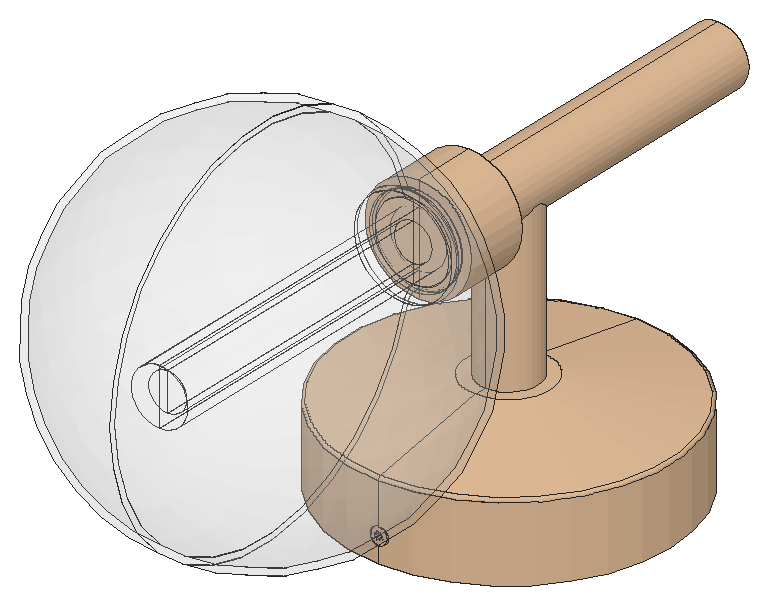
Revit family "Light_Fixture-Wall_Sconce-KOHLER-Components-K-23467", category Lighting Fixtures, host Face, Revit 2017
Family settings
  Host = Face
  Round Connector Dimension = Use Diameter
  Part Type = Normal
  OmniClass Number = 23.35.47.11
  OmniClass Title = Lighting Fixtures
  Cut with Voids When Loaded = No
  Light Source = Yes
  Shared = No
  Room Calculation Point = No
Parameters (values of type "BGL-Moderne Brushed Gold")
  Width = 6"  # constant formula
  Wattage Comments = "10 W"  # constant formula
  Wattage = 10 W
  WaterSense Certified = 1 = 0  # no
  built-in parameter 1150110 = 1 (stored number, unit not read)
  Voltage = 120 V  # constant formula
  URL = "https://www.us.kohler.com/us/"
  Type = 2
  built-in parameter 1114217 = 1 (stored number, unit not read)
  built-in parameter 1150109 = 1 (stored number, unit not read)
  built-in parameter 1150134 = (empty or 0)
  built-in parameter 1150113 = 1 (stored number, unit not read)
  Product Page URL = "http://www.us.kohler.com/us/catalog/productDetails.jsp?productId=23467-SCLED"
  Product Name = "Components"  # constant formula
  Product Documentation Link = "https://www.us.kohler.com/webassets/kpna/catalog/pdf/en/K-23467-SCLED_spec.pdf"
  Model = if(Type = 1, "K-23467-SCLED-BLL", if(Type = 2, "K-23467-SCLED-BGL", if(Type = 3, "K-23467-SCLED-CPL", if(Type = 4, "K-23467-SCLED-SNL", "NA"))))  # "K-23467-SCLED-BGL"
  Material = "Premium Metal Construction"  # constant formula
  Master Format 2014 Name = "Interior Lighting Fixtures, Lamps, And Ballasts"  # constant formula
  Master Format 2014 = "26 51 13"  # constant formula
  Manufacturer Address = "444 Highland Dr, Kohler, WI 53044"  # constant formula
  Manufacturer = "KOHLER Co."  # constant formula
  built-in parameter 1150105 = 35.81 (stored number, unit not read)
  Lumens = 450 lm
  built-in parameter 1150115 = 1 (stored number, unit not read)
  Light Source Symbol Size = 7"  # constant formula
  built-in parameter 1150137 = (empty or 0)
  built-in parameter 1150139 = (empty or 0)
  Length = 7 1/4"  # constant formula
  built-in parameter 1150112 = 1 (stored number, unit not read)
  built-in parameter 1150114 = 1 (stored number, unit not read)
  Lamp = "Integrated LED"  # constant formula
  built-in parameter 1150132 = (empty or 0)
  built-in parameter 1150102 = (empty or 0)
  built-in parameter 1150107 = 3000 (stored number, unit not read)
  built-in parameter 1150138 = (empty or 0)
  built-in parameter 1150106 = 0.3581 (stored number, unit not read)
  Height = 12"  # constant formula
  Hardware Included = 1 = 1  # yes
  Finish = KOHLER-Metal-BGL-Moderne_Brushed_Gold
  Environmental Product Declaration = ""
  Electrical Note = "One Circuit Required"  # constant formula
  Electrical Connector = 1 = 1  # yes
  built-in parameter 1150104 = 4.1806 (stored number, unit not read)
  Dimming Lamp Color Temperature Shift = Incandescent Lamp Curve
  Description = "LED lacemaker sconce"  # constant formula
  Default Elevation = 60"
  Declare Label = ""
  Date Modified = "05/13/2020"  # constant formula
  Date Created = "05/13/2020"  # constant formula
  Copyright = "Copyright KOHLER Co."  # constant formula
  Contact Us = "https://www.us.kohler.com/us/static/contact.jsp"
  Color Filter = 16777215
  built-in parameter 1114218 = 1 (stored number, unit not read)
  built-in parameter 1150133 = 10 (stored number, unit not read)
  Assembly Code = "D5040.50"
  Apparent Load = 120 V * 0.08 A  # 9.6 VA
  ADA Compliant = 1 = 0  # no
Types (5): name | Type | Model | Finish
  (no name) | 2 | "K-23467-SCLED-BGL" | KOHLER-Metal-BGL-Moderne_Brushed_Gold
  BLL-Matte Black | 1 | "K-23467-SCLED-BLL" | KOHLER-Metal-BLL-Matte_Black
  BGL-Moderne Brushed Gold | 2 | "K-23467-SCLED-BGL" | KOHLER-Metal-BGL-Moderne_Brushed_Gold
  CPL-Polished Chrome | 3 | "K-23467-SCLED-CPL" | KOHLER-Metal-CPL-Polished_Chrome
  SNL-Polished Nickel | 4 | "K-23467-SCLED-SNL" | KOHLER-Metal-SNL-Polished_Nickel
Reference planes (in)
  plane 1 "Center (Front/Back)": y = 0
  plane 2: z = 0
  plane 3 "Center (Left/Right)": x = 0
  plane 4: y = 4.12992
  plane 5: y = -7.87008
  plane 6: x = 2.5625
  plane 7: x = -2.5625
  plane 8: x = 0.47834
  plane 9: x = -0.47834
  plane 10: y = -2.5625
  plane 11: y = 2.5625
  plane 12: z = 7.25
  plane 13: z = 4.72834
  plane 14: z = 4.25
  plane 15: z = 3.77166
  plane 16: z = 1.5625
  plane 17: z = 1.25
  plane 18: x = -3
  plane 19: x = 3
  plane 20: z = 1.22841
Dimensions and locks (in)
  "Height": plane 4 to plane 5
  plane 7 to plane 6 = 5 1/8"
  "Width": plane 18 to plane 19
  "Length": level to plane 12
  locked: plane 16 to level at 1.5625
  plane 11 to plane 10 = 5 1/8"
  locked: plane 17 to plane 12 at 6
  aligned and locked: plane 2 to host face
  aligned and locked: level to host face
  aligned and locked: plane 3 "Center (Left/Right)" to nested 1
  aligned and locked: plane 1 "Center (Front/Back)" to nested 1
Automatic sketch dimensions
  host sketch curve to host sketch curve = 96"  (x2)
Nested families (in)
  nested 1: "K-23467" at (0, 0, 0), type "K-23467"
Connectors (in)
  electrical at (0, 0, 0), driven by "Voltage", driven by "Apparent Load", driven by "Electrical Connector", driven by "Electrical Note"
    settings: on nested 1, index 1, voltage 120 V, apparent load 9.6 VA, apparent load phase1 0 VA, apparent load phase2 0 VA, apparent load phase3 0 VA, power factor 1, load classification "Lighting", number of poles 1, system type 30, power factor state 1, is connector primary yes, connector utility yes, sub classification motor no, connector description "One Circuit Required"
Definition of nested family "K-23467"
  Parameters (values of type "K-23467")
    Material = none
  Reference planes (in)
    plane 1 "Center (Front/Back)": y = 0
    plane 2: z = 0
    plane 3 "Center (Left/Right)": x = 0
    plane 4: y = 2.5625
    plane 5: y = -2.5625
    plane 6: z = 1.5625
    plane 7: y = 4.12992
    plane 8: y = -7.87008
    plane 9: z = 7.25
    plane 10: z = 1.25
    plane 11: z = 4.25
    plane 12: x = 2.5625
    plane 13: x = -2.5625
    plane 14: x = -3
    plane 15: x = 3
    plane 16: z = 4.72834
    plane 17: z = 3.77166
    plane 18: z = 1.17731
    plane 19: x = -0.47834
    plane 20: x = 0.47834
    plane 21: y = -4.87008
    plane 22: z = 1.22857
  Forms (in)
    Revolve 1, solid, material <- "Material", detail levels medium+fine
      sketch origin (0, 0, 0) x (0, 1, 0) y (0, 0, 1)
        loop
          line (0, 4.24485) -> (0, 0) -> (2.5625, 0) -> (2.5625, 1.17787)
          arc (2.5625, 1.17787) -> (2.55055, 1.2108) -> (2.52026, 1.22838) r 0.05132
          line (2.52026, 1.22838) -> (0.66053, 1.5625) -> (0.46088, 1.5625) -> (0.46088, 4.24485) -> (0, 4.24485)
        axis (0, 0) -> (0, 4.24485)
      angle from 0 to 360
    Revolve 2, solid, material <- "Material", detail levels medium+fine
      sketch origin (0, 0, 0) x (0, 1, 0) y (0, 0, 1)
        loop
          line (4.12992, 4.25) -> (-1.77559, 4.25) -> (-1.77559, 3.40748) -> (-0.79134, 3.40748) -> (-0.79134, 3.77166) -> (4.12992, 3.77166) -> (4.12992, 4.25)
        axis (-1.77559, 4.25) -> (4.12992, 4.25)
      angle from 0 to 360
    Revolve 3, solid, detail levels medium+fine
      sketch origin (0, 0, 0) x (0, 1, 0) y (0, 0, 1)
        loop
          line (-1.77559, 4.25) -> (-1.77559, 4.69685) -> (-6.88583, 4.69685) -> (-6.88583, 4.25) -> (-6.7237, 4.25) -> (-6.7237, 4.55078) -> (-1.88164, 4.55078) -> (-1.88164, 4.25) -> (-1.77559, 4.25)
        axis (-1.77559, 4.25) -> (-6.88583, 4.25)
      angle from 0 to 360
    Revolve 4, solid, detail levels medium+fine
      sketch origin (0, 0, 0) x (0, 1, 0) y (0, 0, 1)
        loop
          line (-7.86971, 4.25) -> (-7.76815, 4.25)
          arc (-7.76815, 4.25) -> (-5.25956, 7.1221) -> (-2.07614, 5.02261) r 2.89844
          arc (-2.07614, 5.02261) -> (-2.00254, 4.90917) -> (-1.87715, 4.85854) r 0.22463
          line (-1.87715, 4.85854) -> (-1.87715, 4.25) -> (-1.77559, 4.25) -> (-1.77559, 4.92831)
          arc (-1.77559, 4.92831) -> (-1.78277, 4.94654) -> (-1.80047, 4.95498) r 0.02674
          line (-1.80047, 4.95498) -> (-1.86822, 4.95972)
          arc (-1.86822, 4.95972) -> (-1.93754, 4.98721) -> (-1.97826, 5.04969) r 0.12307
          arc (-1.97826, 5.04969) -> (-5.27322, 7.22274) -> (-7.86971, 4.25) r 3
        axis (-1.77559, 4.25) -> (-7.86971, 4.25)
      angle from 0 to 360
    Extrusion 5, void
      sketch origin (0, 0, 0) x (1, 0, 0) y (0, 0, 1)
        loop
          circle (0, 0.39167) r 0.13375
      from 2.47031 to 2.69329
    Extrusion 6, void
      sketch origin (0, 0, 0) x (1, 0, 0) y (0, 0, -1)
        loop
          circle (0, -0.39167) r 0.13375
      from 2.47031 to 2.69329
    Extrusion 7, solid, material <- "Material", detail levels medium+fine
      sketch origin (0, 0, 0) x (1, 0, 0) y (0, 0, 1)
        loop
          circle (0, 0.39167) r 0.13375
        loop
          line (-0.02763, 0.45443) -> (-0.02763, 0.4193) -> (-0.06276, 0.4193) -> (-0.06276, 0.36404) -> (-0.02763, 0.36404) -> (-0.02763, 0.32891) -> (0.02763, 0.32891) -> (0.02763, 0.36404) -> (0.06276, 0.36404) -> (0.06276, 0.4193) -> (0.02763, 0.4193) -> (0.02763, 0.45443) -> (-0.02763, 0.45443)
      from 2.47031 to 2.5625
    Extrusion 8, solid, material <- "Material", detail levels medium+fine
      sketch origin (0, 0, 0) x (1, 0, 0) y (0, 0, -1)
        loop
          circle (0, -0.39167) r 0.13375
        loop
          line (-0.02763, -0.45443) -> (0.02763, -0.45443) -> (0.02763, -0.4193) -> (0.06276, -0.4193) -> (0.06276, -0.36404) -> (0.02763, -0.36404) -> (0.02763, -0.32891) -> (-0.02763, -0.32891) -> (-0.02763, -0.36404) -> (-0.06276, -0.36404) -> (-0.06276, -0.4193) -> (-0.02763, -0.4193) -> (-0.02763, -0.45443)
      from 2.47031 to 2.5625
    Revolve 9, solid, material <- "Material", detail levels coarse
      sketch origin (0, 0, 0) x (0, 1, 0) y (0, 0, 1)
        loop
          line (2.5625, 0) -> (2.5625, 1.5625) -> (0.46088, 1.5625) -> (0.46088, 4.25) -> (0, 4.25) -> (0, 0) -> (2.5625, 0)
        axis (0, 0) -> (0, 4.25)
      angle from 0 to 360
    Revolve 10, solid, material <- "Material", detail levels coarse
      sketch origin (0, 0, 0) x (0, 1, 0) y (0, 0, 1)
        loop
          line (4.12992, 4.25) -> (4.12992, 4.72834) -> (-0.79134, 4.72834) -> (-0.79134, 5.09252) -> (-1.77559, 5.09252) -> (-1.77559, 4.25) -> (4.12992, 4.25)
        axis (-1.77559, 4.25) -> (4.12992, 4.25)
      angle from 0 to 360
    Revolve 11, solid, detail levels coarse
      sketch origin (0, 0, 0) x (0, 1, 0) y (0, 0, 1)
        loop
          arc (-1.97897, 5.05096) -> (-5.27424, 7.22265) -> (-7.87008, 4.25) r 3
          line (-7.87008, 4.25) -> (-7.76851, 4.25)
          arc (-7.76851, 4.25) -> (-5.22239, 7.12695) -> (-2.05729, 4.94939) r 2.89844
          line (-2.05729, 4.94939) -> (-1.87715, 4.94939) -> (-1.87715, 4.35156) -> (-1.87715, 4.25) -> (-1.77559, 4.25) -> (-1.77559, 5.05096) -> (-1.97897, 5.05096)
        axis (-1.77559, 4.25) -> (-7.87008, 4.25)
      angle from 0 to 360
    Extrusion 12, solid, material <- "Material", detail levels medium+fine
      sketch origin (0, 0, 0) x (1, 0, 0) y (0, 1, 0)
        loop
          circle (0, 0) r 0.04327
      from 0 to 0.04163
  Cuts and joins
    Extrusion 5, Extrusion 6 cuts Revolve 1
    Extrusion 6 cuts Revolve 2
    joined: Revolve 1, Revolve 2
    joined: Revolve 9, Revolve 10
  Lines and regions (in)
    Masking region 1
      outline origin (0, 0, 0) x (0, 1, 0) y (0, 0, 1)
        loop
          line (2.5625, 0) -> (2.5625, 1.17731)
          arc (2.5625, 1.17731) -> (2.55041, 1.21062) -> (2.51976, 1.22841) r 0.05192
          line (2.51976, 1.22841) -> (0.66053, 1.5625) -> (0.46088, 1.5625) -> (0.46088, 3.77166) -> (4.12992, 3.77166) -> (4.12992, 4.72834) -> (-0.79134, 4.72834) -> (-0.79134, 5.09252) -> (-1.77559, 5.09252) -> (-1.77559, 4.92901)
          arc (-1.77559, 4.92901) -> (-1.78255, 4.94668) -> (-1.79968, 4.95485) r 0.0259
          line (-1.79968, 4.95485) -> (-1.86715, 4.95957)
          arc (-1.86715, 4.95957) -> (-1.93758, 4.98749) -> (-1.97897, 5.05096) r 0.12509
          arc (-1.97897, 5.05096) -> (-7.87008, 4.25) -> (-1.97897, 3.44904) r 3
          arc (-1.97897, 3.44904) -> (-1.93758, 3.51251) -> (-1.86715, 3.54043) r 0.12509
          line (-1.86715, 3.54043) -> (-1.79968, 3.54515)
          arc (-1.79968, 3.54515) -> (-1.78255, 3.55332) -> (-1.77559, 3.57099) r 0.0259
          line (-1.77559, 3.57099) -> (-1.77559, 3.40748) -> (-0.79134, 3.40748) -> (-0.79134, 3.77166) -> (-0.46088, 3.77166) -> (-0.46088, 1.5625) -> (-0.66053, 1.5625) -> (-2.51976, 1.22841)
          arc (-2.51976, 1.22841) -> (-2.55041, 1.21062) -> (-2.5625, 1.17731) r 0.05192
          line (-2.5625, 1.17731) -> (-2.5625, 0) -> (2.5625, 0)
    Masking region 2
      outline origin (0, 0, 0) x (1, 0, 0) y (0, 0, 1)
        loop
          arc (1.1429, 1.47623) -> (0, 7.25) -> (-1.1429, 1.47623) r 3
          line (-1.1429, 1.47623) -> (-2.51925, 1.22857)
          arc (-2.51925, 1.22857) -> (-2.55026, 1.21056) -> (-2.5625, 1.17685) r 0.05255
          line (-2.5625, 1.17685) -> (-2.5625, 0) -> (2.5625, 0) -> (2.5625, 1.17685)
          arc (2.5625, 1.17685) -> (2.55026, 1.21056) -> (2.51925, 1.22857) r 0.05255
          line (2.51925, 1.22857) -> (1.1429, 1.47623)
    Masking region 3
      outline origin (0, 0, 0) x (1, 0, 0) y (0, 1, 0)
        loop
          arc (-0.47834, 2.51746) -> (-2.52076, 0.4606) -> (-1.33771, -2.18562) r 2.5625
          arc (-1.33771, -2.18562) -> (-0.00273, -7.87171) -> (1.33619, -2.18655) r 3
          arc (1.33619, -2.18655) -> (2.52092, 0.45973) -> (0.47834, 2.51746) r 2.5625
          line (0.47834, 2.51746) -> (0.47834, 4.12992) -> (-0.47834, 4.12992) -> (-0.47834, 2.51746)
    symbolic lines, detail levels medium+fine
      curve 1: line (0, 2.51976, 1.22841) -> (0, -2.51976, 1.22841)
      curve 2: line (0, 0.46088, 1.5625) -> (0, -0.46088, 1.5625)
      curve 3: line (0, -0.79134, 4.72834) -> (0, -0.79134, 3.77166)
      curve 4: line (0, -1.77559, 4.92901) -> (0, -1.77559, 3.57099)
      curve 5: line (0, 0.46088, 3.77166) -> (0, 0.20259, 4.02994)
      curve 6: line (0, -0.20259, 4.02994) -> (0, -0.46088, 3.77166)
      curve 7: arc (0, 0.20259, 4.02994) -> (0, 0, 4.11386) -> (0, -0.20259, 4.02994) r 0.28651
      curve 8: line (0.66053, 0, 1.5625) -> (1.142, 0, 1.47586)
      curve 9: line (0.46088, 0, 1.5625) -> (0.46088, 0, 4.12193)
      curve 10: line (0.66053, 0, 1.5625) -> (0.46088, 0, 1.5625)
      curve 11: arc (0.46088, 0, 4.12193) -> (0, 0, 4.72834) -> (-0.46088, 0, 4.12193) r 0.47834
      curve 12: line (-0.66053, 0, 1.5625) -> (-1.142, 0, 1.47586)
      curve 13: line (-0.46088, 0, 1.5625) -> (-0.46088, 0, 4.12193)
      curve 14: line (-0.66053, 0, 1.5625) -> (-0.46088, 0, 1.5625)
      curve 15: line (0.46088, 0, 1.5625) -> (-0.46088, 0, 1.5625)
      curve 16: arc (0, 0, 5.09252) -> (0.80748, 0, 4.49044) -> (0.46088, 0, 3.54471) r 0.84252
      curve 17: arc (-0.46088, 0, 3.54471) -> (-0.80748, 0, 4.49044) -> (0, 0, 5.09252) r 0.84252
      curve 18: line (2.51925, 0, 1.22857) -> (-2.51925, 0, 1.22857)
      curve 19: arc (-0.13375, 0, 0.39167) -> (0, 0, 0.52542) -> (0.13375, 0, 0.39167) r 0.13375
      curve 20: arc (0.13375, 0, 0.39167) -> (0, 0, 0.25792) -> (-0.13375, 0, 0.39167) r 0.13375
      curve 21: line (-0.06276, 0, 0.36404) -> (-0.02763, 0, 0.36404)
      curve 22: line (-0.02763, 0, 0.36404) -> (-0.02763, 0, 0.32891)
      curve 23: line (-0.02763, 0, 0.32891) -> (0.02763, 0, 0.32891)
      curve 24: line (0.02763, 0, 0.32891) -> (0.02763, 0, 0.36404)
      curve 25: line (0.02763, 0, 0.36404) -> (0.06276, 0, 0.36404)
      curve 26: line (0.06276, 0, 0.36404) -> (0.06276, 0, 0.4193)
      curve 27: line (0.06276, 0, 0.4193) -> (0.02763, 0, 0.4193)
      curve 28: line (0.02763, 0, 0.4193) -> (0.02763, 0, 0.45443)
      curve 29: line (0.02763, 0, 0.45443) -> (-0.02763, 0, 0.45443)
      curve 30: line (-0.02763, 0, 0.45443) -> (-0.02763, 0, 0.4193)
      curve 31: line (-0.02763, 0, 0.4193) -> (-0.06276, 0, 0.4193)
      curve 32: line (-0.06276, 0, 0.4193) -> (-0.06276, 0, 0.36404)
      curve 33: line (-0.47834, 2.51746, 0) -> (-0.47834, -0.79134, 0)
      curve 34: line (-0.47834, -0.79134, 0) -> (-0.84252, -0.79134, 0)
      curve 35: line (-0.84252, -0.79134, 0) -> (-0.84252, -1.77559, 0)
      curve 36: line (-0.84252, -1.77559, 0) -> (0, -1.77559, 0)
      curve 37: arc (-1.33842, -2.18519, 0) -> (-1.07653, -2.07073, 0) -> (-0.80532, -1.98055, 0) r 3.14044
      curve 38: arc (-0.80532, -1.98055, 0) -> (-0.74004, -1.93842, 0) -> (-0.7096, -1.86693, 0) r 0.13247
      curve 39: arc (-0.7096, -1.86693, 0) -> (-0.70688, -1.83491, 0) -> (-0.70543, -1.80282, 0) r 0.80595
      curve 40: arc (-0.70543, -1.80282, 0) -> (-0.69794, -1.78441, 0) -> (-0.68013, -1.77559, 0) r 0.02806
      curve 41: arc (1.33842, -2.18519, 0) -> (1.07653, -2.07073, 0) -> (0.80532, -1.98055, 0) r 3.14044
      curve 42: arc (0.80532, -1.98055, 0) -> (0.74004, -1.93842, 0) -> (0.7096, -1.86693, 0) r 0.13247
      curve 43: arc (0.7096, -1.86693, 0) -> (0.70688, -1.83491, 0) -> (0.70543, -1.80282, 0) r 0.80595
      curve 44: arc (0.70543, -1.80282, 0) -> (0.69794, -1.78441, 0) -> (0.68013, -1.77559, 0) r 0.02806
      curve 45: line (0.47834, 2.51746, 0) -> (0.47834, -0.79134, 0)
      curve 46: line (0.47834, -0.79134, 0) -> (0.84252, -0.79134, 0)
      curve 47: line (0.84252, -0.79134, 0) -> (0.84252, -1.77559, 0)
      curve 48: line (0.84252, -1.77559, 0) -> (0, -1.77559, 0)
      curve 49: line (-0.47834, -0.79134, 0) -> (0.47834, -0.79134, 0)
      curve 50: arc (-0.47834, -0.45551, 0) -> (-0.66053, 0, 0) -> (-0.47834, 0.45551, 0) r 0.66053
      curve 51: arc (0.47834, -0.45551, 0) -> (0.66053, 0, 0) -> (0.47834, 0.45551, 0) r 0.66053
      curve 52: arc (-0.46088, 0, 4.12193) -> (0, 0, 3.77166) -> (0.46088, 0, 4.12193) r 0.47834
  Dimensions and locks (in)
    locked: plane 4 to plane 5 at 5.125
    locked: plane 6 to level at 1.5625
    plane 7 to plane 8 = 12"
    plane 9 to level = 7 1/4"
    plane 9 to plane 10 = 6"
    plane 9 to plane 11 = 3"
    plane 8 to plane 7 = 12"
    plane 14 to plane 15 = 6"
    plane 8 to plane 21 = 3"
    aligned and locked: plane 2 to level
